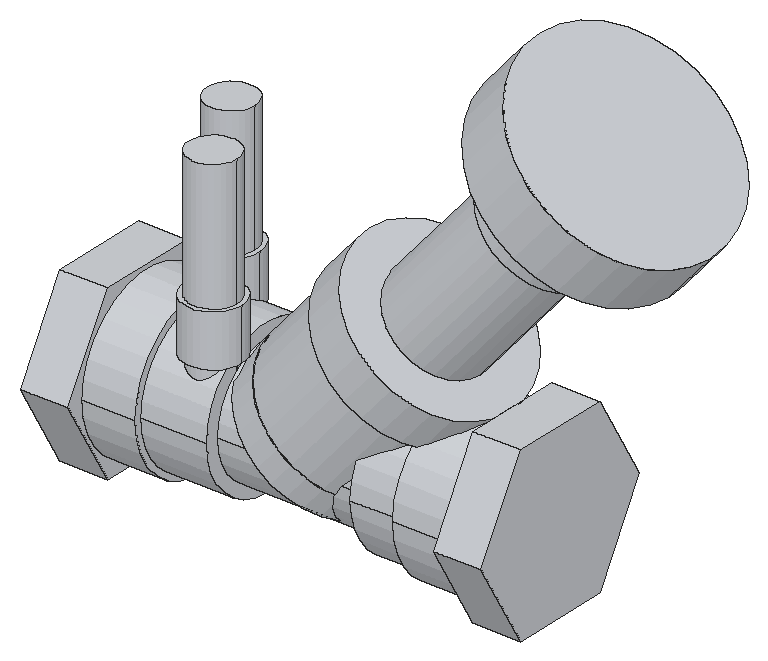
Revit family "D9515-DN50-RFA_2018", category Pipe Accessories, Revit 2018
Family settings
  Round Connector Dimension = Use Diameter
  Part Type = Valve - Breaks Into
  Work Plane-Based = No
  Always vertical = Yes
  Cut with Voids When Loaded = No
  Shared = No
Parameters (values of type "D9515 DN50")
  magiProductId = "6b5b9dd02a164b53a7f96efb176f34"
  magiProductFamilyId = "2231140663314cd0b01ba8939d6b11"
  magiPartTypeId = 304
  isMeasuringValve [instance] = no
  ang2D [instance] = 0.00°
  W2D = 15 mm
  W21 = 12 mm
  VersionID = "2.0/2017.10.31.1/VIR_9515_001"
  Use Minimum Symbol Size [instance] = yes
  URL = "www.hydronix.cz"
  Type Comments = "Ruční vyvažovací ventil s měřením na cloně; PN25; -10~+130°C; (měřicí vsuvky -10~+120°C)"
  RN2 = 20.4 mm
  RN = 31.2 mm
  R7 = 9 mm
  R6 = 7.5 mm
  R3 = 26 mm
  R2 = 24 mm
  R14 = 20 mm
  R13 = 17 mm
  R12 = 28.6 mm
  R11 = 26 mm
  R1 = 20 mm
  QmdConnectorList = "301;D;302;D"
  Productdata [instance] = ""
  NUT1 = no
  Manufacturer = "Hydronix"
  MC Product Code = "9515 050 (DN50, PN25; kvs29,72; kvc55,07)"
  MC Piping Given Pressure Drop [instance] = 0.0 Pa
  L_2 = 72.65 mm
  L5 = 2 mm
  L4__ve = -L4  # -21 mm
  L4 = 21 mm
  L3 = 15 mm
  L2__ve = -L2  # -17 mm
  L2D_Min = 3048 mm
  L2D = 87.8 mm
  L22 = 21 mm
  L21 = 7.5 mm
  L2 = 17 mm
  L1__ve = -L1  # -15 mm
  L1 = 15 mm
  HWR = 35 mm
  H24 = 40.8 mm
  H23 = 16.32 mm
  H22 = 18.1 mm
  H21 = 18 mm
  H15 = 20 mm
  H14 = 51.167 mm
  H13 = 9 mm
  H12 = 15 mm
  H11 = 32 mm
  H10 = 10 mm
  Description = "Ruční vyvažovací ventil s měřením na cloně; PN25"
  D = 50 mm
  CenSd_RN_6 = RN * cos(30.00°)  # 27.02 mm
  CenSd_RN2_6 = RN2 * cos(30.00°)  # 17.667 mm
  CAT0 = yes
Types (6, lengths in mm): name | magiProductId | W21 | RN2 | RN | R3 | R2 | R13 | R12 | R11 | R1 | MC Product Code | L_2 | L3 | L2__ve | L2 | L1__ve | L1 | H24 | H23 | H22 | H21 | H14 | H12 | H10 | D | CenSd_RN_6 | CenSd_RN2_6
  D9515 DN15 | "17cbc467cde14417a5a74aa240a316" | 6.75 | 17.55 | 17.55 | 14.625 | 13.5 | 14.625 | 16.087 | 14.625 | 11.25 | "9515 015 (DN15, PN25; kvs1,92; kvc2,80)" | 43.9 | 10 | -12 | 12 | -8 | 8 | 30.9 | 12.36 | 6.725 | 6.625 | 19.088 | 10 | 4 | 15 | 15.199 | 15.199
  D9515 DN20 | "db511cd39f454f418d6e49e6ac0c56" | 7.5 | 19.5 | 19.5 | 16.25 | 15 | 16.25 | 17.875 | 16.25 | 12.5 | "9515 020 (DN20, PN25; kvs3,67; kvc5,33)" | 47.95 | 10 | -12 | 12 | -9 | 9 | 30.9 | 12.36 | 8.35 | 8.25 | 18.088 | 10 | 5 | 20 | 16.887 | 16.887
  D9515 DN25 | "e8aaae3d88cc438088acb51c2ae749" | 8.25 | 21.45 | 21.45 | 17.875 | 16.5 | 17.875 | 19.663 | 17.875 | 13.75 | "9515 025 (DN25, PN25; kvs6,24; kvc9,72)" | 50 | 12 | -14 | 14 | -10 | 10 | 30.9 | 12.36 | 9.975 | 9.875 | 17.088 | 10 | 6 | 25 | 18.576 | 18.576
  D9515 DN32 | "dc2d0354abae4200a8eaff76faf524" | 9.3 | 20.4 | 24.18 | 20.15 | 18.6 | 17 | 22.165 | 20.15 | 15.5 | "9515 032 (DN32, PN25; kvs12,54; kvc20,25)" | 58.75 | 13 | -15 | 15 | -11.4 | 11.4 | 36.9 | 14.76 | 12.25 | 12.15 | 37.197 | 15 | 7 | 32 | 20.94 | 17.667
  D9515 DN40 | "9b6b6dd7761a428fa780a8a57ab3c3" | 10.5 | 20.4 | 27.3 | 22.75 | 21 | 17 | 25.025 | 22.75 | 17.5 | "9515 040 (DN40, PN25; kvs19,59; kvc30,23)" | 63.5 | 14 | -16 | 16 | -13 | 13 | 37.5 | 15 | 14.85 | 14.75 | 38.807 | 15 | 8 | 40 | 23.642 | 17.667
  D9515 DN50 | "6b5b9dd02a164b53a7f96efb176f34" | 12 | 20.4 | 31.2 | 26 | 24 | 17 | 28.6 | 26 | 20 | "9515 050 (DN50, PN25; kvs29,72; kvc55,07)" | 72.65 | 15 | -17 | 17 | -15 | 15 | 40.8 | 16.32 | 18.1 | 18 | 51.167 | 15 | 10 | 50 | 27.02 | 17.667
Reference planes
  plane 1 "Center (Front/Back)": y = 0
  plane 2 "XYPLANE": z = 0
  plane 3 "Center (Left/Right)": x = 0
  plane 4 "329": through (-570.105, 0, 489.751) normal (0.6428, 0, 0.766)
  plane 5 "328": y = -12
  plane 6 "327": y = 12
  plane 7 "312": through (-549.536, 0, 514.265) normal (0.6428, 0, 0.766)
  plane 8 "176": z = 34.32
  plane 9 "173": z = 18.1
  plane 10 "163": x = -2
  plane 11 "158": x = 25.65
  plane 12 "157": x = 40.65
  plane 13 "154": x = -19.65
  plane 14 "83": z = 34.42
  plane 15 "76": x = -40.65
  plane 16 "73": z = 18
  plane 17 "70": z = 0
  plane 18 "69": y = 0
  plane 19 "68": x = -27.15
  plane 20 "60": through (-494.149, 0, 580.272) normal (0.6428, 0, 0.766)
  plane 21 "57": through (-507.005, 0, 564.951) normal (0.6428, 0, 0.766)
  plane 22 "54": through (-539.894, 0, 525.755) normal (0.6428, 0, 0.766)
  plane 23 "32": through (-576.533, 0, 482.091) normal (0.6428, 0, 0.766)
  plane 24 "31": y = 0
  plane 25 "30": through (480.091, 0, 574.533) normal (0.766, 0, -0.6428)
  plane 26 "21": x = -40.65
  plane 27 "20": x = 57.65
  plane 28 "19": x = -57.65
  plane 29 "13": x = 0
  plane 30 "11": x = 72.65
  plane 31 "10": x = -72.65
  plane 32 "9": y = 0
  plane 33 "8": z = 0
  plane 34 "65XY": z = 0
  plane 35 "65XZ": y = 0
  plane 36 "65YZ": x = -2.9
  plane 37 "27XY": through (-576.533, 0, 482.091) normal (0.6428, 0, 0.766)
  plane 38 "27XZ": y = 0
  plane 39 "27YZ": through (480.091, 0, 574.533) normal (0.766, 0, -0.6428)
Forms (mm)
  Extrusion 1, solid, visible <- "CAT0"
    sketch origin (-576.533, 0, 482.091) x (0.766044, 0, -0.642788) y (0, 1, 0)
      loop
        circle (750, 0) r 26
    from 0 to 10 <- "H10"
  Extrusion 2, solid
    sketch origin (40.65, -750, 0) x (0, 1, 0) y (0, 0, 1)
      loop
        circle (750, 0) r 26
    from 0 to 17 <- "L2"
  Extrusion 3, solid
    sketch origin (25.65, -750, 0) x (0, 1, 0) y (0, 0, 1)
      loop
        circle (750, 0) r 24
    from 0 to 15 <- "L3"
  Extrusion 4, solid
    sketch origin (-40.65, -750, 0) x (0, 1, 0) y (0, 0, 1)
      loop
        circle (750, 0) r 26
    from 0 to -17 <- "L2__ve"
  Extrusion 5, solid
    sketch origin (-19.65, -750, 0) x (0, 1, 0) y (0, 0, 1)
      loop
        circle (750, 0) r 24
    from 0 to -21 <- "L4__ve"
  Extrusion 6, solid
    sketch origin (-570.105, 0, 489.751) x (0.766044, 0, -0.642788) y (0, 1, 0)
      loop
        circle (750, 0) r 26
    from 0 to 32 <- "H11"
  Extrusion 7, solid
    sketch origin (-2.9, 750, 34.32) x (0, -1, 0) y (1, 0, 0)
      loop
        circle (738, -37.75) r 7.5
    from 0 to 40.8 <- "H24"
  Extrusion 8, solid
    sketch origin (-2.9, 750, 18) x (0, -1, 0) y (1, 0, 0)
      loop
        circle (738, -37.75) r 9
    from 0 to 16.32 <- "H23"
  Extrusion 9, solid
    sketch origin (-539.894, 0, 525.755) x (0.766044, 0, -0.642788) y (0, 1, 0)
      loop
        circle (750, 0) r 17
    from 0 to 51.167 <- "H14"
  Extrusion 10, solid, visible <- "NUT1"
    sketch origin (-539.894, 0, 525.755) x (0.766044, 0, -0.642788) y (0, 1, 0)
      loop
        line (750, 20.4) -> (732.333, 10.2) -> (732.333, -10.2) -> (750, -20.4) -> (767.667, -10.2) -> (767.667, 10.2) -> (750, 20.4)
    from 0 to 9 <- "H13"
  Blend 11, solid
    base sketch origin (-19.65, -750, 0) x (0, 1, 0) y (0, 0, 1)
      loop
        circle (750, 0) r 20
    top sketch origin (-19.65, -750, 0) x (0, 1, 0) y (0, 0, 1)
      loop
        circle (750, 0) r 20
    from 0 to 45.3
  Extrusion 12, solid
    sketch origin (-2.9, 750, 0) x (0, -1, 0) y (1, 0, 0)
      loop
        circle (762, -24.25) r 7.5
    from 0 to 18.1 <- "H22"
  Extrusion 13, solid
    sketch origin (-2.9, 750, 34.42) x (0, -1, 0) y (1, 0, 0)
      loop
        circle (762, -24.25) r 7.5
    from 0 to 40.8 <- "H24"
  Extrusion 14, solid
    sketch origin (-2.9, 750, 0) x (0, -1, 0) y (1, 0, 0)
      loop
        circle (738, -37.75) r 7.5
    from 0 to 18 <- "H21"
  Extrusion 15, solid
    sketch origin (-2.9, 750, 18.1) x (0, -1, 0) y (1, 0, 0)
      loop
        circle (762, -24.25) r 9
    from 0 to 16.32 <- "H23"
  Extrusion 16, solid, visible <- "CAT0"
    sketch origin (-494.149, 0, 580.272) x (0.766044, 0, -0.642788) y (0, 1, 0)
      loop
        circle (750, 0) r 35
    from 0 to 20 <- "H15"
  Extrusion 17, solid
    sketch origin (-507.005, 0, 564.951) x (0.766044, 0, -0.642788) y (0, 1, 0)
      loop
        circle (750, 0) r 20
    from 0 to 20 <- "H15"
  Extrusion 18, solid
    sketch origin (-549.536, 0, 514.265) x (0.766044, 0, -0.642788) y (0, 1, 0)
      loop
        circle (750, 0) r 28.6
    from 0 to 15 <- "H12"
  Extrusion 19, solid
    sketch origin (72.65, -750, 0) x (0, 1, 0) y (0, 0, 1)
      loop
        line (718.8, 0) -> (734.4, -27.02) -> (765.6, -27.02) -> (781.2, 0) -> (765.6, 27.02) -> (734.4, 27.02) -> (718.8, 0)
    from 0 to -15 <- "L1__ve"
  Extrusion 20, solid
    sketch origin (-72.65, -750, 0) x (0, 1, 0) y (0, 0, 1)
      loop
        line (781.2, 0) -> (765.6, 27.02) -> (734.4, 27.02) -> (718.8, 0) -> (734.4, -27.02) -> (765.6, -27.02) -> (781.2, 0)
    from 0 to 15 <- "L1"
  Extrusion 21, solid, not visible
    sketch origin (72.65, -750, 0) x (0, 1, 0) y (0, 0, 1)
      loop
        circle (750, 0) r 15.25
    from 0 to -10
  Extrusion 22, solid, not visible
    sketch origin (-72.65, -750, 0) x (0, 1, 0) y (0, 0, 1)
      loop
        circle (750, 0) r 15.25
    from 0 to 10
Lines and regions (mm)
  reference lines, not visible
    curve 1: circle (2, 2, 0) r 1 normal (0, 0, 1)
  reference lines
    curve 2: line (34.639, 0, 43.665) -> (40.46, -4.387, 38.78)
    curve 3: line (34.639, 0, 43.665) -> (34.639, -8.775, 43.665)
    curve 4: line (34.639, 0, 43.665) -> (28.817, -4.387, 48.549)
    curve 5: line (72.65, 0, 0) -> (72.65, 4.387, -7.599)
    curve 6: line (72.65, 0, 0) -> (72.65, 8.775, 0)
    curve 7: line (72.65, 0, 0) -> (72.65, 4.387, 7.599)
    curve 8: line (-72.65, 0, 0) -> (-72.65, -4.387, -7.599)
    curve 9: line (-72.65, 0, 0) -> (-72.65, -8.775, 0)
    curve 10: line (-72.65, 0, 0) -> (-72.65, -4.387, 7.599)
Dimensions and locks
  plane 1 "Center (Front/Back)" to curve 1 = 2 mm
  "H10": plane 23 "32" to plane 4 "329"
  "W21": plane 18 "69" to plane 5 "328"
  "W21": plane 18 "69" to plane 6 "327"
  "H11": plane 4 "329" to plane 7 "312"
  "H23": plane 16 "73" to plane 8 "176"
  "H22": plane 17 "70" to plane 9 "173"
  "L5": plane 29 "13" to plane 10 "163"
  "L3": plane 12 "157" to plane 11 "158"
  "L2": plane 27 "20" to plane 12 "157"
  "L4": plane 26 "21" to plane 13 "154"
  "H23": plane 9 "173" to plane 14 "83"
  "L22": plane 13 "154" to plane 15 "76"
  "H21": plane 17 "70" to plane 16 "73"
  locked: plane 33 "8" to plane 17 "70"
  locked: plane 32 "9" to plane 18 "69"
  "L21": plane 13 "154" to plane 19 "68"
  "H15": plane 21 "57" to plane 20 "60"
  "H14": plane 22 "54" to plane 21 "57"
  "H12": plane 7 "312" to plane 22 "54"
  locked: plane 37 "27XY" to plane 23 "32"
  locked: plane 32 "9" to plane 24 "31"
  locked: plane 39 "27YZ" to plane 25 "30"
  "L2": plane 28 "19" to plane 26 "21"
  "L1": plane 30 "11" to plane 27 "20"
  "L1": plane 31 "10" to plane 28 "19"
  locked: plane 3 "Center (Left/Right)" to plane 29 "13"
  "L_2": plane 3 "Center (Left/Right)" to plane 30 "11"
  "L_2": plane 3 "Center (Left/Right)" to plane 31 "10"
  locked: plane 1 "Center (Front/Back)" to plane 32 "9"
  locked: plane 2 "XYPLANE" to plane 33 "8"
  "CenSd_RN2_6": curve 2 to Extrusion 10 sketch curve  (x2)
  "CenSd_RN2_6": curve 3 to Extrusion 10 sketch curve  (x2)
  "CenSd_RN2_6": curve 4 to Extrusion 10 sketch curve  (x2)
  Extrusion 10 sketch curve to Extrusion 10 sketch curve = 0 mm  (x12)
  "CenSd_RN_6": curve 5 to Extrusion 19 sketch curve  (x2)
  "CenSd_RN_6": curve 6 to Extrusion 19 sketch curve  (x2)
  "CenSd_RN_6": curve 7 to Extrusion 19 sketch curve  (x2)
  Extrusion 19 sketch curve to Extrusion 19 sketch curve = 0 mm  (x12)
  "CenSd_RN_6": curve 8 to Extrusion 20 sketch curve  (x2)
  "CenSd_RN_6": curve 9 to Extrusion 20 sketch curve  (x2)
  "CenSd_RN_6": curve 10 to Extrusion 20 sketch curve  (x2)
  Extrusion 20 sketch curve to Extrusion 20 sketch curve = 0 mm  (x12)
  "R11": radius of Extrusion 1 sketch curve
  "R3": radius of Extrusion 2 sketch curve
  "R2": radius of Extrusion 3 sketch curve
  "R3": radius of Extrusion 4 sketch curve
  "R2": radius of Extrusion 5 sketch curve
  "R11": radius of Extrusion 6 sketch curve
  "R6": radius of Extrusion 7 sketch curve
  "R7": radius of Extrusion 8 sketch curve
  "R13": radius of Extrusion 9 sketch curve
  "R1": radius of Blend 11 sketch curve  (x2)
  "R6": radius of Extrusion 12 sketch curve
  "R6": radius of Extrusion 13 sketch curve
  "R6": radius of Extrusion 14 sketch curve
  "R7": radius of Extrusion 15 sketch curve
  "HWR": radius of Extrusion 16 sketch curve
  "R14": radius of Extrusion 17 sketch curve
  "R12": radius of Extrusion 18 sketch curve
  locked: curve 3 to curve 2 (angle 60.00°)
  locked: curve 4 to curve 3 (angle 60.00°)
  locked: curve 4 to curve 2 (angle 120.00°)
  locked: curve 6 to curve 5 (angle 60.00°)
  locked: curve 7 to curve 6 (angle 60.00°)
  locked: curve 7 to curve 5 (angle 120.00°)
  locked: curve 9 to curve 8 (angle 60.00°)
  locked: curve 10 to curve 9 (angle 60.00°)
  locked: curve 10 to curve 8 (angle 120.00°)
  aligned and locked: level to plane 2 "XYPLANE"
  aligned and locked: plane 24 "31" to Extrusion 1 sketch curve
  aligned and locked: Extrusion 1 sketch curve to plane 25 "30"
  aligned and locked: Extrusion 2 sketch curve to plane 32 "9"
  aligned and locked: plane 33 "8" to Extrusion 2 sketch curve
  aligned and locked: Extrusion 3 sketch curve to plane 32 "9"
  aligned and locked: plane 33 "8" to Extrusion 3 sketch curve
  aligned and locked: Extrusion 4 sketch curve to plane 32 "9"
  aligned and locked: plane 33 "8" to Extrusion 4 sketch curve
  aligned and locked: Extrusion 5 sketch curve to plane 32 "9"
  aligned and locked: plane 33 "8" to Extrusion 5 sketch curve
  aligned and locked: plane 24 "31" to Extrusion 6 sketch curve
  aligned and locked: Extrusion 6 sketch curve to plane 25 "30"
  aligned and locked: plane 6 "327" to Extrusion 7 sketch curve
  aligned and locked: plane 15 "76" to Extrusion 7 sketch curve
  aligned and locked: plane 6 "327" to Extrusion 8 sketch curve
  aligned and locked: plane 15 "76" to Extrusion 8 sketch curve
  aligned and locked: plane 24 "31" to Extrusion 9 sketch curve
  aligned and locked: Extrusion 9 sketch curve to plane 25 "30"
  aligned and locked: curve 2 to plane 25 "30"
  aligned and locked: plane 24 "31" to curve 3
  aligned and locked: Blend 11 sketch curve to plane 32 "9"  (x2)
  aligned and locked: plane 33 "8" to Blend 11 sketch curve  (x2)
  aligned and locked: plane 11 "158" to Blend 11
  aligned and locked: plane 5 "328" to Extrusion 12 sketch curve
  aligned and locked: plane 19 "68" to Extrusion 12 sketch curve
  aligned and locked: plane 5 "328" to Extrusion 13 sketch curve
  aligned and locked: plane 19 "68" to Extrusion 13 sketch curve
  aligned and locked: plane 6 "327" to Extrusion 14 sketch curve
  aligned and locked: plane 15 "76" to Extrusion 14 sketch curve
  aligned and locked: plane 5 "328" to Extrusion 15 sketch curve
  aligned and locked: plane 19 "68" to Extrusion 15 sketch curve
  aligned and locked: plane 24 "31" to Extrusion 16 sketch curve
  aligned and locked: Extrusion 16 sketch curve to plane 25 "30"
  aligned and locked: plane 24 "31" to Extrusion 17 sketch curve
  aligned and locked: Extrusion 17 sketch curve to plane 25 "30"
  aligned and locked: plane 24 "31" to Extrusion 18 sketch curve
  aligned and locked: Extrusion 18 sketch curve to plane 25 "30"
  aligned and locked: curve 7 to plane 32 "9"
  aligned and locked: plane 33 "8" to curve 7
  aligned and locked: curve 10 to plane 32 "9"
  aligned and locked: plane 33 "8" to curve 10
  aligned and locked: Extrusion 21 sketch curve to plane 32 "9"
  aligned and locked: plane 33 "8" to Extrusion 21 sketch curve
  aligned and locked: Extrusion 22 sketch curve to plane 32 "9"
  aligned and locked: plane 33 "8" to Extrusion 22 sketch curve
Automatic sketch dimensions
  Extrusion 21 sketch curve to plane 5 "328" = 3.25 mm
  Extrusion 22 sketch curve to plane 5 "328" = 3.25 mm
  plane 3 "Center (Left/Right)" to curve 1 = 2 mm
  radius of curve 1 = 1 mm
Connectors
  piping at (-72.65, 0, 0), diameter 50, driven by "D"
    settings: on Extrusion 22, index 1, connector inside diameter 609.6 mm, connector length 0 mm, flow factor 0, pipe flow 0.0 L/s, pressure drop 0.0 Pa, fitting loss kfactor 0, connector angle 0.00°, fixture units 0, engagement length 0 mm, angle of deflection 0.00°, flow configuration 0, flow direction 0, fitting loss method 0, system type 29, joint type 0, gender type 0, connector reference index 2, connector utility 0, adjustable connector no, is connector primary yes, connector description ""
  piping at (72.65, 0, 0), diameter 50, driven by "D"
    settings: on Extrusion 21, index 2, connector inside diameter 609.6 mm, connector length 0 mm, flow factor 0, pipe flow 0.0 L/s, pressure drop 0.0 Pa, fitting loss kfactor 0, connector angle 0.00°, fixture units 0, engagement length 0 mm, angle of deflection 0.00°, flow configuration 0, flow direction 0, fitting loss method 0, system type 29, joint type 0, gender type 0, connector reference index 1, connector utility 0, adjustable connector no, is connector primary no, connector description ""
